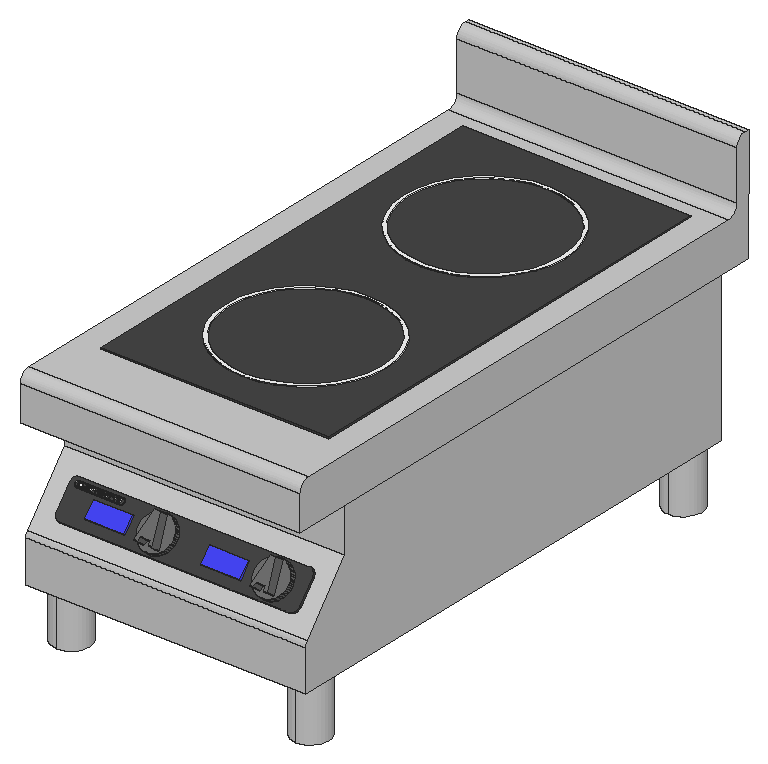
Revit family "QF_ADVENTYS_MO2I_8000_250902090543", category Specialty Equipment, Revit 2021
Family settings
  Round Connector Dimension = Use Diameter
  Part Type = Normal
  OmniClass Number = 23.40.40.14
  OmniClass Title = Food Service Equipment
  Work Plane-Based = No
  Always vertical = Yes
  Cut with Voids When Loaded = No
  Shared = No
  Room Calculation Point = No
Parameters (values of type "ADV1656")
  Weight in Pounds [instance] = 0
  Weight = 43.00 kg
  Warranty Start Date [instance] = ""
  Warranty Duration [instance] = ""
  Volts [instance] = 400 V
  URL Recommended Spares List = ""
  URL Manufacturer = ""
  URL Cutsheet = ""
  URL Critical Spares List = ""
  URL = "www.adventys.com"
  Tag Number [instance] = ""
  Status [instance] = ""
  Specification by User [instance] = ""
  Specification by Manufacturer [instance] = ""
  Sound Level [instance] = ""
  Solid Fuel Type [instance] = ""
  Service Life Duration [instance] = ""
  Serial Number [instance] = ""
  Seismic Rating [instance] = ""
  SMACNA No [instance] = ""
  Revision Code [instance] = ""
  Revision [instance] = ""
  Production Year [instance] = ""
  Point Load [instance] = 0
  Phase [instance] = 3
  Other Equipment Approvals [instance] = ""
  Number of Poles [instance] = 3
  NAFEM Spec ID Number [instance] = ""
  Model Warning [instance] = ""
  Model = "MO2I 8000"
  Min Ckt Ampacity [instance] = 0 A
  Max Overcurrent Protection [instance] = 0 A
  Masterspec [instance] = ""
  Manufacturer = "ADVENTYS"
  Length Actual = 400 mm
  Item Number [instance] = ""
  Installed By [instance] = ""
  Installation Date [instance] = ""
  Identify Quantity as Lot [instance] = no
  ID [instance] = ""
  Hygiene Approval [instance] = ""
  Hot Water Consumption = 0.0 L/s
  Height Actual = 456 mm
  HP power [instance] = ""
  Furnished By [instance] = ""
  Foodservice Equipment Identifier [instance] = no
  FL Amps [instance] = 12 A
  Electrical Remarks [instance] = "Plug not included"
  Electric power [instance] = 0 W
  Electric Connection Type [instance] = "Cord&Plug"
  Elec Conn RI Height [instance] = 0 mm
  Elec Conn Connection Height [instance] = 0 mm
  ETL Approved [instance] = no
  Description = "INDUCTION MODULE 2 ZONES THREE-PHASE"
  Depth Actual = 800 mm
  Default Elevation = 0 mm
  Cycle [instance] = 50 Hz
  Cost = 0
  Conn Plug [instance] = ""
  Conn Conduit [instance] = no
  CSI MasterFormat [instance] = ""
  CE Approved [instance] = no
  Barcode [instance] = 0
  Author [instance] = ""
  Asset Identifier [instance] = ""
  Apparent Power [instance] = 8000 VA
  Accessory = no
Reference planes
  plane 1 "Center (Front/Back)": y = 0
  plane 2: z = 0
  plane 3 "Center (Left/Right)": x = 0
Forms (mm)
  Extrusion 1, solid, not visible
    sketch origin (111.005, -39.002, 227.011) x (1, 0, 0) y (0, 1, 0)
      loop
        line (-2, 2) -> (-2, -2) -> (2, -2) -> (2, 2) -> (-2, 2)
    from -2 to 2
Dimensions and locks
  locked: Extrusion 1 to nested 2
  locked: nested 2 to Extrusion 1 at 2
  aligned and locked: level to plane 2
Nested families
  nested 1: "QF_ADVENTYS_ADV1656_2916" at (0, 0, 0), type "ADV1656"
    with Status "", Show Logo yes
  nested 2: "CONN_POINT_ELE_2D___Generic_Annotation" at (111.005, -37.002, 227.011), type "CONN_POINT_ELE_2D___Generic_Annotation"
    with Onboard connection annotation symbol visibility yes
Connectors
  electrical at (111.005, -37.002, 227.011), driven by "Apparent Power", driven by "Number of Poles", driven by "Volts"
    settings: on Extrusion 1, index 1, voltage 400 V, apparent load 0 VA, apparent load phase1 8000 VA, apparent load phase2 0 VA, apparent load phase3 0 VA, power factor 1, load classification "Other", number of poles 3, system type 31, power factor state 1, is connector primary yes, connector utility no, sub classification motor no, connector description "Electrical connection for MO2I 8000"
Definition of nested family "QF_ADVENTYS_ADV1656_2916"
  Parameters (values of type "ADV1657")
    URL = "www.adventys.com"
    Status [instance] = ""
    Show Logo [instance] = yes
    Model = "MO2I 12000"
    Manufacturer = "ADVENTYS"
    Description = "INDUCTION MODULE 2 ZONES THREE-PHASE"
    Default Elevation = 0 mm
    Author = "SPECIFI"
    Assembly Code = "E1090320"
  Types (2, lengths in mm): name | Model
    ADV1656 | "MO2I 8000"
    ADV1657 | "MO2I 12000"
  Reference planes
    plane 1 "Back": y = 0
    plane 2: z = 0
    plane 3 "Left": x = 0
    plane 4 "Right": x = 400
    plane 5 "Front": y = -800
    plane 6 "Top": z = 455.8
  Forms (mm)
    Extrusion 1, solid
      sketch origin (0, 0, 0) x (0, 1, 0) y (0, 0, 1)
        loop
          line (-790, 80) -> (-50, 80) -> (-50, 290.8) -> (-720, 290.8) -> (-720, 227.161) -> (-787.017, 147.294)
          arc (-787.017, 147.294) -> (-789.078, 143.88) -> (-790, 140) r 12.92
          line (-790, 140) -> (-790, 80)
      from 0 to 400
    Extrusion 2, solid
      sketch origin (0, 0, 0) x (0, 1, 0) y (0, 0, 1)
        loop
          line (0, 290.8) -> (0, 455.8) -> (-5, 455.8)
          arc (-5, 455.8) -> (-15.607, 451.407) -> (-20, 440.8) r 15
          line (-20, 440.8) -> (-20, 370.8)
          arc (-20, 370.8) -> (-24.393, 360.193) -> (-35, 355.8) r 15
          line (-35, 355.8) -> (-785, 355.8)
          arc (-785, 355.8) -> (-795.607, 351.407) -> (-800, 340.8) r 15
          line (-800, 340.8) -> (-800, 290.8) -> (0, 290.8)
      from 0 to 400
    Extrusion 3, solid
      sketch origin (37, -56.5, 0) x (1, 0, 0) y (0, 1, 0)
        loop
          line (0, 0) -> (0, -646) -> (326, -646) -> (326, 0) -> (0, 0)
      from 355.8 to 357.613
    Extrusion 4, solid
      sketch origin (0, 0, 0) x (1, 0, 0) y (0, 1, 0)
        loop
          circle (200, -220) r 115
        loop
          circle (200, -220) r 110
        loop
          circle (200, -540.027) r 114.929
        loop
          circle (200, -540.027) r 110
      from 357.613 to 358.673
    Extrusion 5, solid
      sketch origin (525, -720, 227.161) x (0, -0.642788, -0.766044) y (1, 0, 0)
        loop
          arc (26.45, -488.6) -> (29.379, -495.671) -> (36.45, -498.6) r 10
          line (36.45, -498.6) -> (72.45, -498.6)
          arc (72.45, -498.6) -> (79.521, -495.671) -> (82.45, -488.6) r 10
          line (82.45, -488.6) -> (82.45, -161.4)
          arc (82.45, -161.4) -> (79.521, -154.329) -> (72.45, -151.4) r 10
          line (72.45, -151.4) -> (36.45, -151.4)
          arc (36.45, -151.4) -> (29.379, -154.329) -> (26.45, -161.4) r 10
          line (26.45, -161.4) -> (26.45, -488.6)
      from 0 to 1.881
    Extrusion 6, solid
      sketch origin (525, -720, 227.161) x (0, -0.642788, -0.766044) y (1, 0, 0)
        loop
          line (44.95, -459.1) -> (68.95, -459.1) -> (68.95, -403.1) -> (44.95, -403.1) -> (44.95, -459.1)
        loop
          line (44.95, -293.6) -> (68.95, -293.6) -> (68.95, -237.6) -> (44.95, -237.6) -> (44.95, -293.6)
      from 1.881 to 3.679
    Extrusion 7, solid
      sketch origin (525, -720, 227.161) x (0, -0.642788, -0.766044) y (1, 0, 0)
        loop
          line (77.193, -371.481) -> (78.52, -367.858) -> (79.283, -363.991) -> (79.427, -360.015) -> (78.941, -356.081) -> (77.862, -352.331) -> (76.265, -348.888) -> (74.254, -345.841) -> (71.944, -343.24) -> (69.45, -341.1) -> (66.873, -339.405) -> (64.297, -338.121) -> (61.785, -337.2) -> (59.381, -336.591) -> (56.817, -336.212) -> (54.45, -336.1) -> (52.084, -336.212) -> (49.52, -336.591) -> (47.116, -337.2) -> (44.604, -338.121) -> (42.027, -339.405) -> (39.45, -341.1) -> (36.956, -343.24) -> (34.647, -345.841) -> (32.636, -348.888) -> (31.039, -352.331) -> (29.959, -356.081) -> (29.474, -360.015) -> (29.618, -363.991) -> (30.381, -367.858) -> (31.708, -371.481) -> (33.507, -374.752) -> (35.926, -377.889) -> (38.945, -380.711) -> (42.475, -383.045) -> (46.365, -384.756) -> (50.423, -385.773) -> (54.45, -386.1) -> (58.478, -385.773) -> (62.536, -384.756) -> (66.426, -383.045) -> (69.956, -380.711) -> (72.974, -377.889) -> (75.393, -374.752) -> (77.193, -371.481)
        loop
          line (78.941, -191.081) -> (77.862, -187.331) -> (76.265, -183.888) -> (74.254, -180.841) -> (71.944, -178.24) -> (69.45, -176.1) -> (66.873, -174.405) -> (64.297, -173.121) -> (61.785, -172.2) -> (59.381, -171.591) -> (56.817, -171.212) -> (54.45, -171.1) -> (52.084, -171.212) -> (49.52, -171.591) -> (47.116, -172.2) -> (44.604, -173.121) -> (42.027, -174.405) -> (39.45, -176.1) -> (36.956, -178.24) -> (34.647, -180.841) -> (32.636, -183.888) -> (31.039, -187.331) -> (29.959, -191.081) -> (29.474, -195.015) -> (29.618, -198.991) -> (30.381, -202.858) -> (31.708, -206.481) -> (33.507, -209.752) -> (35.926, -212.889) -> (38.945, -215.711) -> (42.475, -218.045) -> (46.365, -219.756) -> (50.423, -220.773) -> (54.45, -221.1) -> (58.478, -220.773) -> (62.536, -219.756) -> (66.426, -218.045) -> (69.956, -215.711) -> (72.974, -212.889) -> (75.393, -209.752) -> (77.193, -206.481) -> (78.52, -202.858) -> (79.283, -198.991) -> (79.427, -195.015) -> (78.941, -191.081)
      from 1.881 to 10
    Extrusion 8, solid
      sketch origin (525, -720, 227.161) x (0, -0.642788, -0.766044) y (1, 0, 0)
        loop
          line (72.45, -353.1) -> (72.45, -348.1) -> (31.45, -357.1) -> (31.45, -365.1) -> (72.45, -374.1) -> (72.45, -369.1) -> (66.45, -367.1) -> (66.45, -355.1) -> (72.45, -353.1)
      from 10 to 25.009
    Extrusion 9, solid
      sketch origin (690, -720, 227.161) x (0, -0.642788, -0.766044) y (1, 0, 0)
        loop
          line (72.45, -353.1) -> (72.45, -348.1) -> (31.45, -357.1) -> (31.45, -365.1) -> (72.45, -374.1) -> (72.45, -369.1) -> (66.45, -367.1) -> (66.45, -355.1) -> (72.45, -353.1)
      from 10 to 25.009
    Revolve 10, solid
      sketch origin (29, 0, 0) x (0, 1, 0) y (0, 0, 1)
        loop
          line (-719, 0) -> (-719, 80) -> (-745, 80) -> (-745, 0) -> (-719, 0)
        axis (-745, 80) -> (-745, 0)
      angle from 0 to 360
    Revolve 11, solid
      sketch origin (29, 665, 0) x (0, 1, 0) y (0, 0, 1)
        loop
          line (-719, 0) -> (-719, 80) -> (-745, 80) -> (-745, 0) -> (-719, 0)
        axis (-745, 80) -> (-745, 0)
      angle from 0 to 360
    Revolve 12, solid
      sketch origin (371, 0, 0) x (0, 1, 0) y (0, 0, 1)
        loop
          line (-719, 0) -> (-719, 80) -> (-745, 80) -> (-745, 0) -> (-719, 0)
        axis (-745, 80) -> (-745, 0)
      angle from 0 to 360
    Revolve 13, solid
      sketch origin (371, 665, 0) x (0, 1, 0) y (0, 0, 1)
        loop
          line (-719, 0) -> (-719, 80) -> (-745, 80) -> (-745, 0) -> (-719, 0)
        axis (-745, 80) -> (-745, 0)
      angle from 0 to 360
    Extrusion 14, solid
      sketch origin (0, 0, 0) x (1, 0, 0) y (0, 0, 1)
        loop
          line (173, 264) -> (47, 264) -> (47, 170) -> (173, 170) -> (173, 264)
      from 47.858 to 50
    Extrusion 15, solid
      sketch origin (0, 0, 0) x (1, 0, 0) y (0, 0, 1)
        loop
          circle (110.78, 227.161) r 15
      from 36.426 to 47.858
    Extrusion 16, solid, visible <- "Show Logo"
      sketch origin (-49.765, -336.128, 412.563) x (1, 0, 0) y (0, 0.642788, 0.766044)
        loop
          arc (88.581, -421.313) -> (88.113, -421.507) -> (87.92, -421.974) r 0.661
          line (87.92, -421.974) -> (87.92, -423.61)
          arc (87.92, -423.61) -> (88.124, -424.087) -> (88.609, -424.27) r 0.661
          line (88.609, -424.27) -> (88.609, -423.032)
          arc (88.609, -423.032) -> (88.952, -422.351) -> (89.662, -422.077) r 1.058
          line (89.662, -422.077) -> (92.486, -422.077)
          arc (92.486, -422.077) -> (92.335, -421.544) -> (91.833, -421.313) r 0.661
          line (91.833, -421.313) -> (88.581, -421.313)
        loop
          arc (88.581, -420.916) -> (87.833, -421.226) -> (87.523, -421.974) r 1.058
          line (87.523, -421.974) -> (87.523, -423.61)
          arc (87.523, -423.61) -> (87.843, -424.368) -> (88.609, -424.667) r 1.058
          arc (88.609, -424.667) -> (88.88, -425.483) -> (89.667, -425.828) r 1.058
          arc (89.667, -425.828) -> (89.974, -426.583) -> (90.725, -426.896) r 1.058
          line (90.725, -426.896) -> (93.719, -426.896)
          arc (93.719, -426.896) -> (94.467, -426.586) -> (94.777, -425.838) r 1.058
          line (94.777, -425.838) -> (94.777, -424.306)
          arc (94.777, -424.306) -> (94.463, -423.554) -> (93.708, -423.248) r 1.058
          arc (93.708, -423.248) -> (93.515, -422.517) -> (92.883, -422.101) r 1.058
          arc (92.883, -422.101) -> (92.625, -421.273) -> (91.833, -420.916) r 1.058
          line (91.833, -420.916) -> (88.581, -420.916)
        loop
          arc (93.719, -426.499) -> (94.187, -426.306) -> (94.38, -425.838) r 0.661
          line (94.38, -425.838) -> (94.38, -424.306)
          arc (94.38, -424.306) -> (94.185, -423.837) -> (93.714, -423.645) r 0.661
          line (93.714, -423.645) -> (93.714, -424.77)
          arc (93.714, -424.77) -> (93.404, -425.518) -> (92.656, -425.828) r 1.058
          line (92.656, -425.828) -> (90.064, -425.828)
          arc (90.064, -425.828) -> (90.254, -426.302) -> (90.725, -426.499) r 0.661
          line (90.725, -426.499) -> (93.719, -426.499)
        loop
          arc (95.546, -425.156) -> (95.587, -425.684) -> (96.116, -425.67) r 0.384
          line (96.116, -425.67) -> (96.845, -424.94) -> (99.743, -424.94) -> (100.472, -425.67)
          arc (100.472, -425.67) -> (101.001, -425.684) -> (101.042, -425.156) r 0.384
          line (101.042, -425.156) -> (98.294, -421.762) -> (95.546, -425.156)
        loop
          line (98.294, -423.127) -> (97.364, -424.275) -> (99.224, -424.275) -> (98.294, -423.127)
        loop
          line (102.315, -421.827) -> (102.315, -425.732) -> (105.995, -425.732)
          arc (105.995, -425.732) -> (107.947, -423.78) -> (105.995, -421.827) r 1.953
          line (105.995, -421.827) -> (102.315, -421.827)
        loop
          line (105.995, -422.854) -> (103.343, -422.854) -> (103.343, -424.705) -> (105.995, -424.705)
          arc (105.995, -424.705) -> (106.92, -423.78) -> (105.995, -422.854) r 0.925
        loop
          arc (109.84, -422.053) -> (109.312, -422.039) -> (109.27, -422.566) r 0.384
          line (109.27, -422.566) -> (112.019, -425.961) -> (114.767, -422.566)
          arc (114.767, -422.566) -> (114.725, -422.039) -> (114.197, -422.053) r 0.384
          line (114.197, -422.053) -> (112.019, -424.743) -> (109.84, -422.053)
        loop
          line (121.269, -421.781) -> (116.07, -421.781) -> (116.07, -425.732) -> (121.269, -425.732)
          arc (121.269, -425.732) -> (121.671, -425.331) -> (121.269, -424.93) r 0.401
          line (121.269, -424.93) -> (116.972, -424.93) -> (116.972, -424.139) -> (121.269, -424.139)
          arc (121.269, -424.139) -> (121.633, -423.775) -> (121.269, -423.412) r 0.363
          line (121.269, -423.412) -> (116.972, -423.412) -> (116.972, -422.583) -> (121.269, -422.583)
          arc (121.269, -422.583) -> (121.671, -422.182) -> (121.269, -421.781) r 0.401
        loop
          line (122.879, -422.331) -> (122.879, -425.274)
          arc (122.879, -425.274) -> (123.306, -425.701) -> (123.733, -425.274) r 0.427
          line (123.733, -425.274) -> (123.733, -423.122) -> (127.538, -425.5)
          arc (127.538, -425.5) -> (128.155, -425.516) -> (128.468, -424.984) r 0.608
          line (128.468, -424.984) -> (128.468, -422.254)
          arc (128.468, -422.254) -> (128.018, -421.804) -> (127.568, -422.254) r 0.45
          line (127.568, -422.254) -> (127.568, -424.337) -> (123.663, -421.897)
          arc (123.663, -421.897) -> (123.143, -421.883) -> (122.879, -422.331) r 0.513
        loop
          arc (130.273, -421.857) -> (129.778, -422.352) -> (130.273, -422.846) r 0.494
          line (130.273, -422.846) -> (132.065, -422.846) -> (132.065, -425.082)
          arc (132.065, -425.082) -> (132.54, -425.558) -> (133.016, -425.082) r 0.475
          line (133.016, -425.082) -> (133.016, -422.846) -> (134.724, -422.846)
          arc (134.724, -422.846) -> (135.218, -422.352) -> (134.724, -421.857) r 0.494
          line (134.724, -421.857) -> (130.273, -421.857)
        loop
          line (139.461, -423.175) -> (137.5, -421.853)
          arc (137.5, -421.853) -> (136.836, -421.982) -> (136.965, -422.646) r 0.479
          line (136.965, -422.646) -> (138.926, -423.969) -> (138.926, -425.108)
          arc (138.926, -425.108) -> (139.461, -425.643) -> (139.997, -425.108) r 0.535
          line (139.997, -425.108) -> (139.997, -423.969) -> (141.958, -422.646)
          arc (141.958, -422.646) -> (142.087, -421.982) -> (141.423, -421.853) r 0.479
          line (141.423, -421.853) -> (139.461, -423.175)
        loop
          line (148.501, -421.857) -> (144.795, -421.857)
          arc (144.795, -421.857) -> (143.661, -422.991) -> (144.795, -424.125) r 1.134
          line (144.795, -424.125) -> (147.852, -424.125)
          arc (147.852, -424.125) -> (148.265, -424.538) -> (147.852, -424.951) r 0.413
          line (147.852, -424.951) -> (144.128, -424.951)
          arc (144.128, -424.951) -> (143.786, -425.292) -> (144.128, -425.634) r 0.342
          line (144.128, -425.634) -> (148.218, -425.634)
          arc (148.218, -425.634) -> (148.994, -424.394) -> (147.885, -423.44) r 1.122
          line (147.885, -423.44) -> (144.736, -423.44)
          arc (144.736, -423.44) -> (144.286, -422.99) -> (144.736, -422.541) r 0.45
          line (144.736, -422.541) -> (148.501, -422.541)
          arc (148.501, -422.541) -> (148.843, -422.199) -> (148.501, -421.857) r 0.342
        loop
          arc (87.442, -420.162) -> (83.674, -423.931) -> (87.442, -427.699) r 3.769
          line (87.442, -427.699) -> (150.103, -427.699)
          arc (150.103, -427.699) -> (153.872, -423.931) -> (150.103, -420.162) r 3.769
          line (150.103, -420.162) -> (87.442, -420.162)
        loop
          arc (87.442, -419.771) -> (83.283, -423.931) -> (87.442, -428.091) r 4.16
          line (87.442, -428.091) -> (150.103, -428.091)
          arc (150.103, -428.091) -> (154.263, -423.931) -> (150.103, -419.771) r 4.16
          line (150.103, -419.771) -> (87.442, -419.771)
      from 176.77 to 176.97
  Lines and regions (mm)
    symbolic lines
      curve 1: line (0, 0, 0) -> (400, 0, 0)
      curve 2: line (0, -800, 0) -> (0, 0, 0)
      curve 3: line (400, -800, 0) -> (0, -800, 0)
      curve 4: line (400, 0, 0) -> (400, -800, 0)
      curve 5: line (37, -56.5, 0) -> (363, -56.5, 0)
      curve 6: line (37, -702.5, 0) -> (37, -56.5, 0)
      curve 7: line (363, -702.5, 0) -> (37, -702.5, 0)
      curve 8: line (363, -56.5, 0) -> (363, -702.5, 0)
      curve 9: arc (315, -220, 0) -> (200, -105, 0) -> (85, -220, 0) r 115
      curve 10: arc (85, -220, 0) -> (200, -335, 0) -> (315, -220, 0) r 115
      curve 11: arc (314.929, -540.027, 0) -> (200, -425.098, 0) -> (85.071, -540.027, 0) r 114.929
      curve 12: arc (85.071, -540.027, 0) -> (200, -654.955, 0) -> (314.929, -540.027, 0) r 114.929
      curve 13: line (0, -20, 0) -> (400, -20, 0)
  Dimensions and locks
    plane 6 "Top" to level = 455.8 mm
    plane 3 "Left" to plane 4 "Right" = 400 mm
    plane 5 "Front" to plane 1 "Back" = 800 mm
    aligned and locked: level to plane 2
Definition of nested family "CONN_POINT_ELE_2D___Generic_Annotation"
  Parameters (values of type "CONN_POINT_ELE_2D___Generic_Annotation")
    Onboard connection annotation symbol visibility [instance] = yes
  Reference planes
    plane 1: y = 0
    plane 2: x = 0
  Lines and regions (mm)
    detail lines, visible <- "Onboard connection annotation symbol visibility"
      curve 1: circle (0, 0, 0) r 0.5 normal (0, 0, 1)
      curve 2: line (-1, 0, 0) -> (1, 0, 0)
      curve 3: line (0, 1, 0) -> (0, -1, 0)
      curve 4: line (2.5, 1, 0) -> (1.25, 1, 0)
      curve 5: line (1.25, 1, 0) -> (1.25, -1, 0)
      curve 6: line (1.25, -1, 0) -> (2.5, -1, 0)
      curve 7: line (1.25, 0, 0) -> (2, 0, 0)
